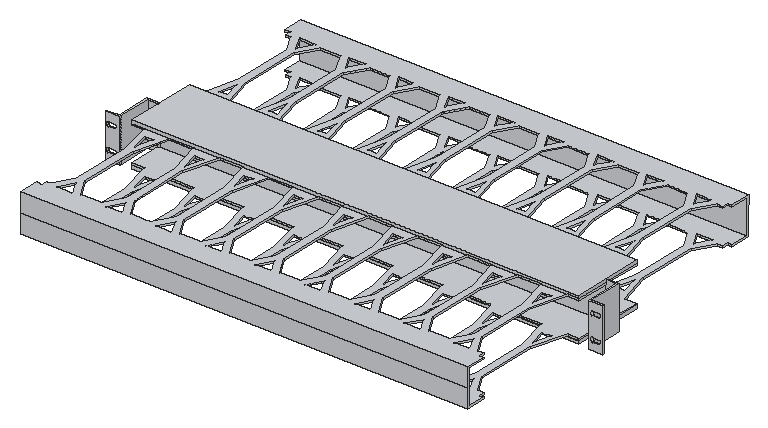
Revit family
Parameters
  Material ID = "760128843"
  Description = "Horizontal Trough Kit, 19-inch rack mountable, Double Sided, 1U height"
Reference planes (in)
  plane 1 "Center (Front/Back)": y = 0
  plane 2: z = 0
  plane 3 "Center (Left/Right)": x = 0
Forms (in)
  Extrusion 1, solid
    sketch origin (0, 0, 0) x (0, 1, 0) y (0, 0, 1)
      loop
        line (0, 0) -> (0, -0.75) -> (0.811, -0.75) -> (0.811, -0.686) -> (0.064, -0.686) -> (0.064, 0.686) -> (0.811, 0.686) -> (0.811, 0.75) -> (0, 0.75) -> (0, 0)
    from -7.99558 to 10.00747
  Extrusion 2, solid
    sketch origin (0, 0, 0) x (0, 1, 0) y (0, 0, 1)
      loop
        line (7.068, 0.75) -> (0.811, 0.75) -> (0.811, 0.686) -> (7.004, 0.686) -> (7.004, -0.686) -> (0.811, -0.686) -> (0.811, -0.75) -> (7.068, -0.75) -> (7.068, 0.75)
    from -7.99558 to 10.00747
  Extrusion 3, solid
    sketch origin (0, 14.136, 0) x (0, -1, 0) y (0, 0, -1)
      loop
        line (0, 0) -> (0, -0.75) -> (0.811, -0.75) -> (0.811, -0.686) -> (0.064, -0.686) -> (0.064, 0.686) -> (0.811, 0.686) -> (0.811, 0.75) -> (0, 0.75) -> (0, 0)
    from -7.99558 to 10.00747
  Extrusion 4, solid
    sketch origin (0, 14.136, 0) x (0, -1, 0) y (0, 0, -1)
      loop
        line (7.068, -0.75) -> (7.068, 0.75) -> (0.811, 0.75) -> (0.811, 0.686) -> (7.004, 0.686) -> (7.004, -0.686) -> (0.811, -0.686) -> (0.811, -0.75) -> (7.068, -0.75)
    from -7.99558 to 10.00747
  Extrusion 5, void
    sketch origin (0, 0, 0) x (1, 0, 0) y (0, 1, 0)
      loop
        line (-7.49557, 5.62) -> (-9.49557, 5.62) -> (-9.49557, 0.811) -> (-7.75941, 0.811) -> (-7.75941, 1.05437) -> (-7.57634, 1.05437) -> (-7.14864, 1.79517) -> (-7.14864, 4.19795) -> (-7.49557, 5.62)
      loop
        line (-6.46693, 5.62) -> (-6.85112, 4.21804) -> (-6.85112, 1.82069) -> (-6.40868, 1.05437) -> (-5.75941, 1.05437) -> (-5.57634, 1.05437) -> (-5.14864, 1.79517) -> (-5.14864, 4.19795) -> (-5.49557, 5.62) -> (-6.46693, 5.62)
      loop
        line (-7.14755, 5.21027) -> (-6.97533, 4.50435) -> (-6.78188, 5.21027) -> (-7.14755, 5.21027)
      loop
        line (-7.30451, 0.95725) -> (-6.64615, 0.95725) -> (-6.97533, 1.5274) -> (-7.30451, 0.95725)
      loop
        line (-4.46693, 5.62) -> (-4.85112, 4.21804) -> (-4.85112, 1.82069) -> (-4.40868, 1.05437) -> (-3.75941, 1.05437) -> (-3.57634, 1.05437) -> (-3.14864, 1.79517) -> (-3.14864, 4.19795) -> (-3.49557, 5.62) -> (-4.46693, 5.62)
      loop
        line (-5.14755, 5.21027) -> (-4.97533, 4.50435) -> (-4.78188, 5.21027) -> (-5.14755, 5.21027)
      loop
        line (-5.30451, 0.95725) -> (-4.64615, 0.95725) -> (-4.97533, 1.5274) -> (-5.30451, 0.95725)
      loop
        line (-2.46693, 5.62) -> (-2.85112, 4.21804) -> (-2.85112, 1.82069) -> (-2.40868, 1.05437) -> (-1.75941, 1.05437) -> (-1.57634, 1.05437) -> (-1.14864, 1.79517) -> (-1.14864, 4.19795) -> (-1.49557, 5.62) -> (-2.46693, 5.62)
      loop
        line (-3.14755, 5.21027) -> (-2.97533, 4.50435) -> (-2.78188, 5.21027) -> (-3.14755, 5.21027)
      loop
        line (-3.30451, 0.95725) -> (-2.64615, 0.95725) -> (-2.97533, 1.5274) -> (-3.30451, 0.95725)
      loop
        line (-0.46693, 5.62) -> (-0.85112, 4.21804) -> (-0.85112, 1.82069) -> (-0.40868, 1.05437) -> (0.24059, 1.05437) -> (0.42366, 1.05437) -> (0.85136, 1.79517) -> (0.85136, 4.19795) -> (0.50443, 5.62) -> (-0.46693, 5.62)
      loop
        line (-1.14755, 5.21027) -> (-0.97533, 4.50435) -> (-0.78188, 5.21027) -> (-1.14755, 5.21027)
      loop
        line (-1.30451, 0.95725) -> (-0.64615, 0.95725) -> (-0.97533, 1.5274) -> (-1.30451, 0.95725)
      loop
        line (1.53307, 5.62) -> (1.14888, 4.21804) -> (1.14888, 1.82069) -> (1.59132, 1.05437) -> (2.24059, 1.05437) -> (2.42366, 1.05437) -> (2.85136, 1.79517) -> (2.85136, 4.19795) -> (2.50443, 5.62) -> (1.53307, 5.62)
      loop
        line (0.85245, 5.21027) -> (1.02467, 4.50435) -> (1.21812, 5.21027) -> (0.85245, 5.21027)
      loop
        line (0.69549, 0.95725) -> (1.35385, 0.95725) -> (1.02467, 1.5274) -> (0.69549, 0.95725)
      loop
        line (3.53307, 5.62) -> (3.14888, 4.21804) -> (3.14888, 1.82069) -> (3.59132, 1.05437) -> (4.24059, 1.05437) -> (4.42366, 1.05437) -> (4.85136, 1.79517) -> (4.85136, 4.19795) -> (4.50443, 5.62) -> (3.53307, 5.62)
      loop
        line (2.85245, 5.21027) -> (3.02467, 4.50435) -> (3.21812, 5.21027) -> (2.85245, 5.21027)
      loop
        line (2.69549, 0.95725) -> (3.35385, 0.95725) -> (3.02467, 1.5274) -> (2.69549, 0.95725)
      loop
        line (5.53307, 5.62) -> (5.14888, 4.21804) -> (5.14888, 1.82069) -> (5.59132, 1.05437) -> (6.24059, 1.05437) -> (6.42366, 1.05437) -> (6.85136, 1.79517) -> (6.85136, 4.19795) -> (6.50443, 5.62) -> (5.53307, 5.62)
      loop
        line (4.85245, 5.21027) -> (5.02467, 4.50435) -> (5.21812, 5.21027) -> (4.85245, 5.21027)
      loop
        line (4.69549, 0.95725) -> (5.35385, 0.95725) -> (5.02467, 1.5274) -> (4.69549, 0.95725)
      loop
        line (7.53307, 5.62) -> (7.14888, 4.21804) -> (7.14888, 1.82069) -> (7.59132, 1.05437) -> (8.24059, 1.05437) -> (8.42366, 1.05437) -> (8.85136, 1.79517) -> (8.85136, 4.19795) -> (8.50443, 5.62) -> (7.53307, 5.62)
      loop
        line (6.85245, 5.21027) -> (7.02467, 4.50435) -> (7.21812, 5.21027) -> (6.85245, 5.21027)
      loop
        line (6.69549, 0.95725) -> (7.35385, 0.95725) -> (7.02467, 1.5274) -> (6.69549, 0.95725)
      loop
        line (9.53307, 5.62) -> (9.14888, 4.21804) -> (9.14888, 1.82069) -> (9.59132, 1.05437) -> (9.84019, 1.05437) -> (9.84019, 0.811) -> (11.78307, 0.811) -> (11.78307, 5.62) -> (9.53307, 5.62)
      loop
        line (8.85245, 5.21027) -> (9.02467, 4.50435) -> (9.21812, 5.21027) -> (8.85245, 5.21027)
      loop
        line (8.69549, 0.95725) -> (9.35385, 0.95725) -> (9.02467, 1.5274) -> (8.69549, 0.95725)
    from -5.49853 to 12
  Extrusion 6, void
    sketch origin (0, 0, 0) x (1, 0, 0) y (0, 1, 0)
      loop
        line (10.00747, 8.516) -> (10.71768, 8.516) -> (10.71768, 13.325) -> (9.84019, 13.325) -> (9.84019, 13.08163) -> (9.59132, 13.08163) -> (9.14888, 12.31531) -> (9.14888, 9.91796) -> (9.53307, 8.516) -> (10.00747, 8.516)
      loop
        line (8.50443, 8.516) -> (8.85136, 9.93805) -> (8.85136, 12.34083) -> (8.42366, 13.08163) -> (7.59132, 13.08163) -> (7.14888, 12.31531) -> (7.14888, 9.91796) -> (7.53307, 8.516) -> (8.50443, 8.516)
      loop
        line (9.02467, 12.6086) -> (9.35385, 13.17875) -> (8.69549, 13.17875) -> (9.02467, 12.6086)
      loop
        line (9.02467, 9.63165) -> (8.85245, 8.92573) -> (9.21812, 8.92573) -> (9.02467, 9.63165)
      loop
        line (6.85136, 9.93805) -> (6.85136, 12.34083) -> (6.42366, 13.08163) -> (5.59132, 13.08163) -> (5.14888, 12.31531) -> (5.14888, 9.91796) -> (5.53307, 8.516) -> (6.50443, 8.516) -> (6.85136, 9.93805)
      loop
        line (4.85136, 9.93805) -> (4.85136, 12.34083) -> (4.42366, 13.08163) -> (3.59132, 13.08163) -> (3.14888, 12.31531) -> (3.14888, 9.91796) -> (3.53307, 8.516) -> (4.50443, 8.516) -> (4.85136, 9.93805)
      loop
        line (2.85136, 9.93805) -> (2.85136, 12.34083) -> (2.42366, 13.08163) -> (1.59132, 13.08163) -> (1.14888, 12.31531) -> (1.14888, 9.91796) -> (1.53307, 8.516) -> (2.50443, 8.516) -> (2.85136, 9.93805)
      loop
        line (0.85136, 9.93805) -> (0.85136, 12.34083) -> (0.42366, 13.08163) -> (-0.40868, 13.08163) -> (-0.85112, 12.31531) -> (-0.85112, 9.91796) -> (-0.46693, 8.516) -> (0.50443, 8.516) -> (0.85136, 9.93805)
      loop
        line (-1.14864, 9.93805) -> (-1.14864, 12.34083) -> (-1.57634, 13.08163) -> (-2.40868, 13.08163) -> (-2.85112, 12.31531) -> (-2.85112, 9.91796) -> (-2.46693, 8.516) -> (-1.49557, 8.516) -> (-1.14864, 9.93805)
      loop
        line (-3.14864, 9.93805) -> (-3.14864, 12.34083) -> (-3.57634, 13.08163) -> (-4.40868, 13.08163) -> (-4.85112, 12.31531) -> (-4.85112, 9.91796) -> (-4.46693, 8.516) -> (-3.49557, 8.516) -> (-3.14864, 9.93805)
      loop
        line (-5.14864, 9.93805) -> (-5.14864, 12.34083) -> (-5.57634, 13.08163) -> (-6.40868, 13.08163) -> (-6.85112, 12.31531) -> (-6.85112, 9.91796) -> (-6.46693, 8.516) -> (-5.49557, 8.516) -> (-5.14864, 9.93805)
      loop
        line (-7.14864, 9.93805) -> (-7.14864, 12.34083) -> (-7.57634, 13.08163) -> (-7.75941, 13.08163) -> (-7.75941, 13.325) -> (-8.50941, 13.325) -> (-8.50941, 8.516) -> (-7.99558, 8.516) -> (-7.49557, 8.516) -> (-7.14864, 9.93805)
      loop
        line (7.02467, 12.6086) -> (7.35385, 13.17875) -> (6.69549, 13.17875) -> (7.02467, 12.6086)
      loop
        line (7.02467, 9.63165) -> (6.85245, 8.92573) -> (7.21812, 8.92573) -> (7.02467, 9.63165)
      loop
        line (5.02467, 12.6086) -> (5.35385, 13.17875) -> (4.69549, 13.17875) -> (5.02467, 12.6086)
      loop
        line (5.02467, 9.63165) -> (4.85245, 8.92573) -> (5.21812, 8.92573) -> (5.02467, 9.63165)
      loop
        line (3.02467, 12.6086) -> (3.35385, 13.17875) -> (2.69549, 13.17875) -> (3.02467, 12.6086)
      loop
        line (3.02467, 9.63165) -> (2.85245, 8.92573) -> (3.21812, 8.92573) -> (3.02467, 9.63165)
      loop
        line (1.02467, 12.6086) -> (1.35385, 13.17875) -> (0.69549, 13.17875) -> (1.02467, 12.6086)
      loop
        line (1.02467, 9.63165) -> (0.85245, 8.92573) -> (1.21812, 8.92573) -> (1.02467, 9.63165)
      loop
        line (-0.97533, 12.6086) -> (-0.64615, 13.17875) -> (-1.30451, 13.17875) -> (-0.97533, 12.6086)
      loop
        line (-0.97533, 9.63165) -> (-1.14755, 8.92573) -> (-0.78188, 8.92573) -> (-0.97533, 9.63165)
      loop
        line (-2.97533, 12.6086) -> (-2.64615, 13.17875) -> (-3.30451, 13.17875) -> (-2.97533, 12.6086)
      loop
        line (-2.97533, 9.63165) -> (-3.14755, 8.92573) -> (-2.78188, 8.92573) -> (-2.97533, 9.63165)
      loop
        line (-4.97533, 12.6086) -> (-4.64615, 13.17875) -> (-5.30451, 13.17875) -> (-4.97533, 12.6086)
      loop
        line (-4.97533, 9.63165) -> (-5.14755, 8.92573) -> (-4.78188, 8.92573) -> (-4.97533, 9.63165)
      loop
        line (-6.97533, 12.6086) -> (-6.64615, 13.17875) -> (-7.30451, 13.17875) -> (-6.97533, 12.6086)
      loop
        line (-6.97533, 9.63165) -> (-7.14755, 8.92573) -> (-6.78188, 8.92573) -> (-6.97533, 9.63165)
    from -5.87664 to 12
  Extrusion 7, solid
    sketch origin (0, 0, 0) x (1, 0, 0) y (0, 1, 0)
      loop
        line (-7.99558, 7.004) -> (-8.49558, 7.004) -> (-8.49558, 5.61746) -> (-8.99558, 5.61746) -> (-8.99558, 5.55346) -> (-8.43158, 5.55346) -> (-8.43158, 5.61746) -> (-8.43158, 6.94) -> (-7.99558, 6.94) -> (-7.99558, 7.004)
      loop
        line (10.00747, 7.004) -> (10.00747, 6.94) -> (10.44347, 6.94) -> (10.44347, 5.61746) -> (10.44347, 5.55346) -> (11.00747, 5.55346) -> (11.00747, 5.61746) -> (10.50747, 5.61746) -> (10.50747, 7.004) -> (10.00747, 7.004)
    from -0.875 to 0.875
  Extrusion 8, void
    sketch origin (0, 0, 0) x (1, 0, 0) y (0, 0, 1)
      loop
        spline (-8.8841, 0.56056) -> (-8.90181, 0.5572) -> (-8.91831, 0.54733) -> (-8.93248, 0.53162) -> (-8.94335, 0.51116) -> (-8.95018, 0.48732) -> (-8.95251, 0.46175) -> (-8.95018, 0.43617) -> (-8.94335, 0.41234) -> (-8.93248, 0.39187) -> (-8.91831, 0.37617) -> (-8.90181, 0.36629) -> (-8.8841, 0.36293)
        line (-8.8841, 0.36293) -> (-8.6341, 0.36293)
        spline (-8.6341, 0.36293) -> (-8.61568, 0.36629) -> (-8.59852, 0.37617) -> (-8.58378, 0.39187) -> (-8.57247, 0.41234) -> (-8.56536, 0.43617) -> (-8.56294, 0.46175) -> (-8.56536, 0.48732) -> (-8.57247, 0.51116) -> (-8.58378, 0.53162) -> (-8.59852, 0.54733) -> (-8.61568, 0.5572) -> (-8.6341, 0.56056)
        line (-8.6341, 0.56056) -> (-8.8841, 0.56056)
      loop
        spline (-8.8841, -0.38418) -> (-8.90181, -0.38754) -> (-8.91831, -0.39742) -> (-8.93248, -0.41312) -> (-8.94335, -0.43359) -> (-8.95018, -0.45742) -> (-8.95251, -0.483) -> (-8.95018, -0.50857) -> (-8.94335, -0.5324) -> (-8.93248, -0.55287) -> (-8.91831, -0.56857) -> (-8.90181, -0.57845) -> (-8.8841, -0.58181)
        line (-8.8841, -0.58181) -> (-8.6341, -0.58181)
        spline (-8.6341, -0.58181) -> (-8.61568, -0.57845) -> (-8.59852, -0.56857) -> (-8.58378, -0.55287) -> (-8.57247, -0.5324) -> (-8.56536, -0.50857) -> (-8.56294, -0.483) -> (-8.56536, -0.45742) -> (-8.57247, -0.43359) -> (-8.58378, -0.41312) -> (-8.59852, -0.39742) -> (-8.61568, -0.38754) -> (-8.6341, -0.38418)
        line (-8.6341, -0.38418) -> (-8.8841, -0.38418)
      loop
        spline (10.6159, 0.56056) -> (10.59819, 0.5572) -> (10.58169, 0.54733) -> (10.56752, 0.53162) -> (10.55665, 0.51116) -> (10.54982, 0.48732) -> (10.54749, 0.46175) -> (10.54982, 0.43617) -> (10.55665, 0.41234) -> (10.56752, 0.39187) -> (10.58169, 0.37617) -> (10.59819, 0.36629) -> (10.6159, 0.36293)
        line (10.6159, 0.36293) -> (10.8659, 0.36293)
        spline (10.8659, 0.36293) -> (10.88432, 0.36629) -> (10.90148, 0.37617) -> (10.91622, 0.39187) -> (10.92753, 0.41234) -> (10.93464, 0.43617) -> (10.93706, 0.46175) -> (10.93464, 0.48732) -> (10.92753, 0.51116) -> (10.91622, 0.53162) -> (10.90148, 0.54733) -> (10.88432, 0.5572) -> (10.8659, 0.56056)
        line (10.8659, 0.56056) -> (10.6159, 0.56056)
      loop
        spline (10.6159, -0.38418) -> (10.59819, -0.38754) -> (10.58169, -0.39742) -> (10.56752, -0.41312) -> (10.55665, -0.43359) -> (10.54982, -0.45742) -> (10.54749, -0.483) -> (10.54982, -0.50857) -> (10.55665, -0.5324) -> (10.56752, -0.55287) -> (10.58169, -0.56857) -> (10.59819, -0.57845) -> (10.6159, -0.58181)
        line (10.6159, -0.58181) -> (10.8659, -0.58181)
        spline (10.8659, -0.58181) -> (10.88432, -0.57845) -> (10.90148, -0.56857) -> (10.91622, -0.55287) -> (10.92753, -0.5324) -> (10.93464, -0.50857) -> (10.93706, -0.483) -> (10.93464, -0.45742) -> (10.92753, -0.43359) -> (10.91622, -0.41312) -> (10.90148, -0.39742) -> (10.88432, -0.38754) -> (10.8659, -0.38418)
        line (10.8659, -0.38418) -> (10.6159, -0.38418)
    from -14.85026 to 12
  Extrusion 9, solid
    sketch origin (0, 0, 0) x (1, 0, 0) y (0, 1, 0)
      loop
        line (-7.99558, 5.62) -> (10.00747, 5.62) -> (10.00747, 8.516) -> (-7.99558, 8.516) -> (-7.99558, 5.62)
    from 0.75 to 0.875
  Extrusion 10, solid
    sketch origin (0, 0, 0) x (1, 0, 0) y (0, 1, 0)
      loop
        line (10.00747, 5.62) -> (10.00747, 8.516) -> (-7.99558, 8.516) -> (-7.99558, 5.62) -> (10.00747, 5.62)
    from -0.75 to -0.875
Cuts and joins
  Extrusion 5, Extrusion 6, Extrusion 8 cuts Extrusion 1
  Extrusion 5, Extrusion 6, Extrusion 8 cuts Extrusion 2
  Extrusion 6, Extrusion 8 cuts Extrusion 3
  Extrusion 6, Extrusion 8 cuts Extrusion 4
  Extrusion 8 cuts Extrusion 7
  joined: Extrusion 1, Extrusion 2, Extrusion 3, Extrusion 4, Extrusion 7
